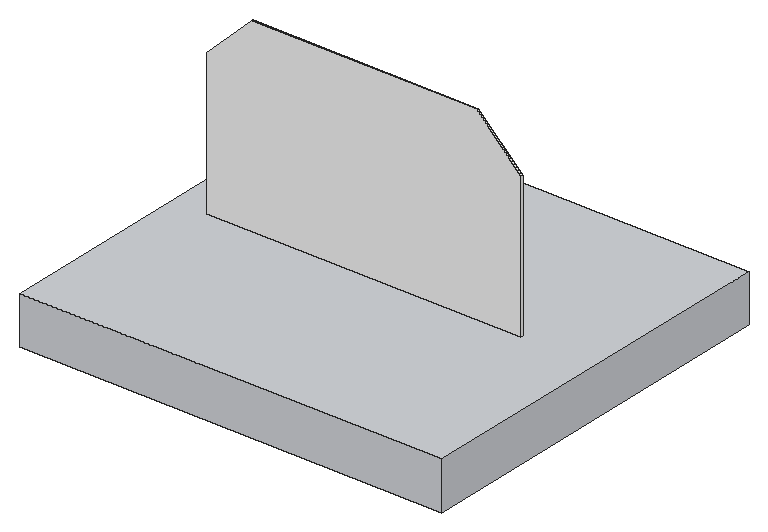
Revit family "M_Placa de gorjal-2 chanfros", category Conexões estruturais, Revit 2019
Family settings
  Hospedeiro = Face
  Material para o comportamento do modelo = Outros
  Número OmniClass = 23.20.40.11.21
  Título OmniClass = Mechanical Fasteners for Metal Structures
  ID de item do Seek = Gusset Plate-2 Bevel-0000-CAN-ENU
  Ativar corte em vistas = Não
  Corte com vazios quando carregada = Não
  Compartilhado = Não
Parameters (values of type "Padrão")
  Comprimento [instance] = 2000 mm
  Espessura [instance] = 10 mm
  Material da placa = Metal - Aço 345 MPa
  Comprimento do chanfro [instance] = 400 mm
  Altura [instance] = 1200 mm
  Altura 1 [instance] = Altura - (Comprimento do chanfro * cos(Ângulo))  # 917.157 mm
  Elevação-padrão = 1200 mm
  Comprimento 1 [instance] = Comprimento / 2 - (Comprimento do chanfro * sin(Ângulo))  # 717.157 mm
  Ângulo [instance] = 45.00°
Reference planes
  plane 1 "Centro (Frente/Trás)": y = 0
  plane 2: z = 0
  plane 3 "Centro (Esquerda/Direita)": x = 0
  plane 4: z = 1200
  plane 5: y = 5
  plane 6: y = -5
  plane 7: x = -717.157
  plane 8: x = 717.157
  plane 9: z = 917.157
  plane 10: x = -1000
  plane 11: x = 1000
  plane 12: x = 1000
  plane 13: x = -1000
  plane 14: z = 1200
Forms (mm)
  Extrusion 1, solid
    sketch origin (0, 0, 0) x (1, 0, 0) y (0, 1, 0)
      loop
        line (-1219.2, 1219.2) -> (-1219.2, -1219.2) -> (1468.24, -1219.2) -> (1468.24, 1219.2) -> (-1219.2, 1219.2)
    from 0 to -304.8
  Extrusion 2, solid, material "Metal - Aço 345 MPa" <- "Material da placa"
    sketch origin (0, 0, 0) x (1, 0, 0) y (0, 0, 1)
      loop
        line (-1000, 0) -> (1000, 0) -> (1000, 917.157) -> (717.157, 1200) -> (-717.157, 1200) -> (-1000, 917.157) -> (-1000, 0)
    from -5 to 5
Dimensions and locks
  "Altura": plane 4 to plane 2
  equal spacing: plane 6, plane 1 "Centro (Frente/Trás)", plane 5
  "Espessura": plane 6 to plane 5
  "Altura 1": plane 9 to plane 2
  "Comprimento 1": plane 3 "Centro (Esquerda/Direita)" to plane 7
  "Comprimento 1": plane 8 to plane 3 "Centro (Esquerda/Direita)"
  "Comprimento": plane 10 to plane 11
  equal spacing: plane 10, plane 3 "Centro (Esquerda/Direita)", plane 11
  "Comprimento do chanfro": Extrusion 2 to Extrusion 2
  aligned and locked: plane 2 to Extrusion 1
  aligned and locked: level to Extrusion 1
  aligned and locked: level to plane 2
  aligned and locked: plane 13 to plane 10
  aligned and locked: plane 12 to plane 11
  aligned and locked: plane 2 to Extrusion 2 sketch curve
  aligned and locked: Extrusion 2 sketch curve to plane 12
  aligned and locked: Extrusion 2 sketch curve to plane 4
  aligned and locked: Extrusion 2 sketch curve to plane 8
  aligned and locked: plane 7 to Extrusion 2 sketch curve
  aligned and locked: plane 9 to Extrusion 2 sketch curve  (x2)
  aligned and locked: plane 5 to Extrusion 2
  aligned and locked: Extrusion 2 to plane 6
  aligned and locked: plane 14 to plane 4
Automatic sketch dimensions
  Extrusion 2 sketch curve to plane 10 = 0 mm
  Extrusion 1 sketch curve to Extrusion 1 sketch curve = 2687.44 mm
  Extrusion 1 sketch curve to Extrusion 1 sketch curve = 2438.4 mm
